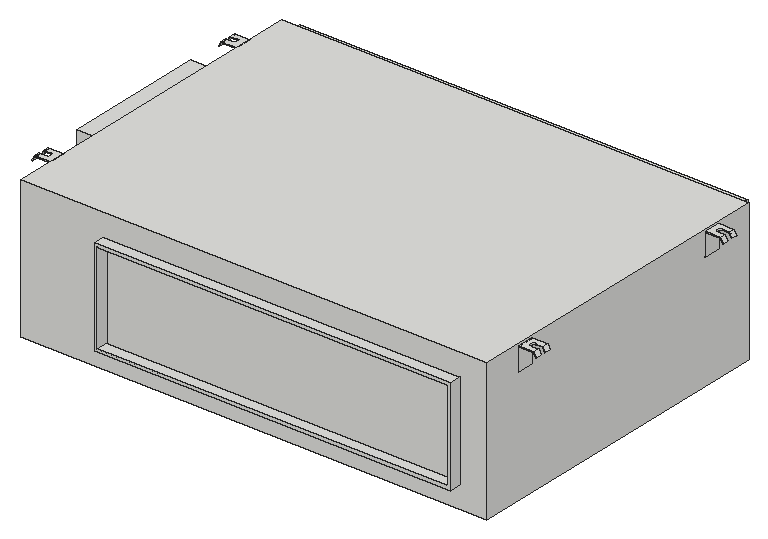
Revit family "GMV-ND（56-80）PHSD-T", category 机械设备, Revit 2014
Parameters (values of type "GMV-ND80PHS/D-T")
  air outlet width = 751.351 mm
  air outlet height = 195 mm
  air inlet width = 960 mm
  air inlet height = 264 mm
  air flow(m³/h) [instance] = "1250"
  liquid pipe = 9.5 mm
  gas pipe = 15.9 mm
  ESP(Pa) [instance] = "90(0~200)"
  drain pipe = 25 mm
  heating capacity(kW) [instance] = "9"
  cooling capacity(kW) [instance] = "8"
  power supply = "220V~50&60Hz"
  Width = 1000 mm
  Hight = 300 mm
  Depth = 700 mm
Types (4, lengths in mm): name | air flow(m³/h) | heating capacity(kW) | cooling capacity(kW)
  GMV-ND56PHS/D-T | "1000" | "6.3" | "5.6"
  GMV-ND63PHS/D-T | "1000" | "7.1" | "6.3"
  GMV-ND71PHS/D-T | "1250" | "8" | "7.1"
  GMV-ND80PHS/D-T | "1250" | "9" | "8"
Reference planes
  plane 1 "中心(前/后)": y = 0
  plane 2: z = 0
  plane 3 "中心(左/右)": x = 0
  plane 4: y = -274
  plane 5: y = -264
  plane 6: x = 428.055
  plane 7: x = -315.296
  plane 8: x = 436.055
  plane 9: x = 475
  plane 10: x = -485
  plane 11: y = 204
  plane 12: y = -101
  plane 13: x = -500
  plane 14: x = 500
  plane 15: y = 350
  plane 16: y = -350
  plane 17: z = 300
Forms (mm)
  Extrusion 1, solid, material "热镀锌板"
    sketch origin (0, 0, 0) x (1, 0, 0) y (0, 0, 1)
      loop
        line (-500, 300) -> (-500, 0) -> (500, 0) -> (500, 300) -> (-500, 300)
    from -350 to 350
  Extrusion 2, solid, material "热镀锌板"
    sketch origin (-500, -1524, 815.843) x (0, 0, 1) y (0, -1, 0)
      loop
        circle (-607.843, -1317) r 7.95
    from 0 to -50
  Extrusion 3, solid, material "热镀锌板"
    sketch origin (-500, -1524, 815.843) x (0, 0, 1) y (0, -1, 0)
      loop
        circle (-619.843, -1250) r 4.75
    from 0 to -50
  Extrusion 4, solid, material "热镀锌板"
    sketch origin (-500, -1524, 815.843) x (0, 0, 1) y (0, -1, 0)
      loop
        circle (-777.843, -1260) r 12.5
    from 0 to -50
  Extrusion 5, solid, material "热镀锌板"
    sketch origin (0, -350, 14.539) x (0, 0, -1) y (-1, 0, 0)
      loop
        line (-238.757, 321.296) -> (-238.757, -442.055) -> (-31.961, -442.055) -> (-31.961, 321.296) -> (-238.757, 321.296)
    from 0 to -25
  Extrusion 6, void
    sketch origin (0, -350, 14.539) x (0, 0, 1) y (-1, 0, 0)
      loop
        line (232.961, 315.296) -> (37.961, 315.296) -> (37.961, -436.055) -> (232.961, -436.055) -> (232.961, 315.296)
    from 0 to 25
  Extrusion 7, solid, material "热镀锌板"
    sketch origin (-75.364, 350, 0) x (0, 0, -1) y (-1, 0, 0)
      loop
        line (-284, -550.364) -> (-20, -550.364) -> (-20, 409.636) -> (-284, 409.636) -> (-284, -550.364)
    from 0 to 30
  Extrusion 8, void
    sketch origin (0, -15, 0) x (0, 1, 0) y (1, 0, 0)
      loop
        line (350, -485) -> (350, 475) -> (20, 475) -> (20, -485) -> (350, -485)
    from 0 to -5
  Extrusion 9, solid, material "热镀锌板"
    sketch origin (-500, -1524, 815.843) x (0, 0, 1) y (0, -1, 0)
      loop
        line (-555.843, -1728) -> (-555.843, -1423) -> (-780.843, -1423) -> (-780.843, -1728) -> (-555.843, -1728)
    from -78.5 to 0
Cuts and joins
  Extrusion 6, Extrusion 8 cuts Extrusion 1
  Extrusion 6 cuts Extrusion 5
Lines and regions (mm)
  model lines
    curve 1: circle (-500, -274, 196) r 4.75 normal (1, 0, 0)
    curve 2: circle (-500, -264, 38) r 12.5 normal (1, 0, 0)
    curve 3: arc (-500, -207, 215.95) -> (-500, -214.95, 208) -> (-500, -207, 200.05) r 7.95
    curve 4: arc (-500, -207, 200.05) -> (-500, -199.05, 208) -> (-500, -207, 215.95) r 7.95
    curve 5: line (-315.296, -375, 52.5) -> (-315.296, -375, 235.5)
    curve 6: line (436.055, -375, 52.5) -> (-315.296, -375, 52.5)
    curve 7: line (436.055, -375, 235.5) -> (436.055, -375, 52.5)
    curve 8: circle (500, -264, 38) r 12.5 normal (1, 0, 0)
    curve 9: line (475, 380, 284) -> (-485, 380, 284)
    curve 10: line (475, 380, 20) -> (475, 380, 284)
    curve 11: line (-485, 380, 20) -> (475, 380, 20)
    curve 12: line (-485, 380, 284) -> (-485, 380, 20)
    curve 13: line (-485, 350, 0) -> (475, 350, 0)
    curve 14: line (-485, 5, 0) -> (-485, 350, 0)
    curve 15: line (475, 5, 0) -> (-485, 5, 0)
    curve 16: line (475, 350, 0) -> (475, 5, 0)
Dimensions and locks
  plane 9 to plane 3 "中心(左/右)" = 475 mm
  plane 10 to plane 3 "中心(左/右)" = 485 mm
  "Width": plane 13 to plane 14
  "Depth": plane 16 to plane 15
  "Hight": plane 17 to level
  "air outlet width": cut or joined group of Extrusion 5, Extrusion 6 to cut or joined group of Extrusion 5, Extrusion 6
  "air outlet height": cut or joined group of Extrusion 5, Extrusion 6 to cut or joined group of Extrusion 5, Extrusion 6
  "air inlet width": Extrusion 7 to Extrusion 7
  "air inlet height": Extrusion 7 to Extrusion 7
  "gas pipe": diameter of Extrusion 2 sketch curve
  "liquid pipe": diameter of Extrusion 3 sketch curve
  "drain pipe": diameter of Extrusion 4 sketch curve
  aligned and locked: level to plane 2
  aligned and locked: Extrusion 1 to level
  aligned and locked: curve 3 to Extrusion 2
  aligned and locked: curve 4 to Extrusion 2
  aligned and locked: cut or joined group of Extrusion 5, Extrusion 6 to Extrusion 6
  aligned and locked: curve 5 to cut or joined group of Extrusion 5, Extrusion 6
  aligned and locked: curve 6 to cut or joined group of Extrusion 5, Extrusion 6
  aligned and locked: curve 7 to cut or joined group of Extrusion 5, Extrusion 6
  aligned and locked: plane 9 to Extrusion 7 sketch curve
  aligned and locked: Extrusion 7 sketch curve to plane 10
  aligned and locked: curve 9 to Extrusion 7
  aligned and locked: curve 10 to Extrusion 7
  aligned and locked: curve 11 to Extrusion 7
  aligned and locked: curve 12 to Extrusion 7
  aligned and locked: Extrusion 8 sketch curve to Extrusion 7
  aligned and locked: Extrusion 8 sketch curve to plane 9
  aligned and locked: curve 13 to Extrusion 7
  aligned and locked: curve 14 to cut or joined group of Extrusion 1, Extrusion 6, Extrusion 8
  aligned and locked: curve 15 to cut or joined group of Extrusion 1, Extrusion 6, Extrusion 8
  aligned and locked: curve 16 to cut or joined group of Extrusion 1, Extrusion 6, Extrusion 8
  aligned and locked: Extrusion 9 sketch curve to plane 11
  aligned and locked: Extrusion 9 to plane 12
Automatic sketch dimensions
  Extrusion 1 sketch curve to level = 0 mm
  curve 2 to plane 5 = 0 mm
  curve 1 to plane 4 = 0 mm
  plane 6 to Extrusion 5 sketch curve = 14 mm
  Extrusion 6 sketch curve to plane 7 = 0 mm
  Extrusion 6 sketch curve to plane 8 = 0 mm
  curve 8 to plane 5 = 0 mm
  plane 10 to Extrusion 1 sketch curve = 15 mm
  Extrusion 1 sketch curve to plane 9 = 25 mm
  Extrusion 5 sketch curve to plane 7 = 6 mm
  level to Extrusion 1 sketch curve = 300 mm
  curve 1 to curve 4 = 4.05 mm
  level to curve 2 = 38 mm
  level to Extrusion 5 sketch curve = 253.296 mm
  level to Extrusion 5 sketch curve = 46.5 mm
  level to Extrusion 6 sketch curve = 52.5 mm
  Extrusion 6 sketch curve to Extrusion 6 sketch curve = 195 mm
  curve 6 to curve 7 = 183 mm
  curve 5 to curve 5 = 183 mm
  level to curve 8 = 38 mm
  level to Extrusion 7 sketch curve = 284 mm
  level to Extrusion 7 sketch curve = 20 mm
  level to Extrusion 9 sketch curve = 35 mm
  Extrusion 9 sketch curve to Extrusion 9 sketch curve = 225 mm
  Extrusion 8 sketch curve to plane 1 "中心(前/后)" = 5 mm
  Extrusion 8 sketch curve to plane 11 = 131 mm
  Extrusion 9 sketch curve to plane 12 = 0 mm
  plane 17 to Extrusion 2 sketch curve = 92 mm
  Extrusion 2 sketch curve to plane 5 = 57 mm
  Extrusion 3 sketch curve to plane 4 = 0 mm
  plane 17 to Extrusion 3 sketch curve = 104 mm
  Extrusion 4 sketch curve to plane 5 = 0 mm
  level to Extrusion 4 sketch curve = 38 mm
  radius of curve 1 = 4.75 mm
  radius of curve 2 = 12.5 mm
  radius of curve 8 = 12.5 mm
Nested families
  nested 1: "定位孔（SDB)" at (501, 232.189, 98.438), type "SDB"
  nested 2: "定位孔（SDB)" at (501, -232.189, 98.438), type "SDB"
  nested 3: "定位孔（SDB)" at (-501, 232.189, 98.438) x (-1, 0, 0) z (0, 0, 1), type "SDB"
  nested 4: "定位孔（SDB)" at (-501, -232.189, 98.438) x (-1, 0, 0) z (0, 0, 1), type "SDB"
Connectors
  piping at (-550, -207, 208), diameter 15.9, driven by "gas pipe"
    settings: on Extrusion 2, index 1, connector inside diameter 609.6 mm, connector length 0 mm, flow factor 0, pipe flow 0.0 L/s, pressure drop 0.0 Pa, fitting loss kfactor 0, connector angle 0.00°, fixture units 0, engagement length 0 mm, angle of deflection 0.00°, flow configuration 0, flow direction 2, fitting loss method 0, system type 8, joint type 0, gender type 0, connector reference index -1, connector utility 0, adjustable connector no, is connector primary yes, connector description ""
  piping at (-550, -274, 196), diameter 9.5, driven by "liquid pipe"
    settings: on Extrusion 3, index 2, connector inside diameter 609.6 mm, connector length 0 mm, flow factor 0, pipe flow 0.0 L/s, pressure drop 0.0 Pa, fitting loss kfactor 0, connector angle 0.00°, fixture units 0, engagement length 0 mm, angle of deflection 0.00°, flow configuration 0, flow direction 1, fitting loss method 0, system type 7, joint type 0, gender type 0, connector reference index -1, connector utility 0, adjustable connector no, is connector primary no, connector description ""
  piping at (-550, -264, 38), diameter 25, driven by "drain pipe"
    settings: on Extrusion 4, index 3, connector inside diameter 609.6 mm, connector length 0 mm, flow factor 0, pipe flow 0.0 L/s, pressure drop 0.0 Pa, fitting loss kfactor 0, connector angle 0.00°, fixture units 0, engagement length 0 mm, angle of deflection 0.00°, flow configuration 0, flow direction 2, fitting loss method 0, system type 7, joint type 0, gender type 0, connector reference index -1, connector utility 0, adjustable connector no, is connector primary no, connector description ""
  hvac at (60.379, -375, 150), driven by "air outlet height", driven by "air outlet width"
    settings: on cut or joined group of Extrusion 5, Extrusion 6, index 4, duct flow 0.0 L/s, flow factor 0, pres drop 0.0 Pa, loss coef 0, conn angle 0.00°, conn width 751.351 mm, conn height 195 mm, conn diameter 609.6 mm, duct sys type 1, conn prof type 1, flow config 0, flow direction 2, loss method 0, conn ref index -1, conn util no, is conn primary yes, conn desc ""
  hvac at (-5, 380, 152), driven by "air inlet height", driven by "air inlet width"
    settings: on Extrusion 7, index 5, duct flow 0.0 L/s, flow factor 0, pres drop 0.0 Pa, loss coef 0, conn angle 0.00°, conn width 960 mm, conn height 264 mm, conn diameter 609.6 mm, duct sys type 2, conn prof type 1, flow config 0, flow direction 1, loss method 0, conn ref index -1, conn util no, is conn primary no, conn desc ""
Definition of nested family "定位孔（SDB)"
  Parameters (values of type "SDB")
    定位孔长 = 45.686 mm
    定位孔宽 = 35 mm
    定位孔安装边高 = 49.175 mm
    定位孔安装边到安装孔中心距 = 19 mm
    定位孔孔半径 = 6 mm
    定位孔外申角度 = 121.00°
    外壳 = 热镀锌板
  Reference planes
    plane 1 "中心(前/后)": y = 0
    plane 2: z = 0
    plane 3 "中心(左/右)": x = 0
    plane 4: y = 17.5
    plane 5: x = 19
    plane 6: z = 199.575
    plane 7: z = 190.5
    plane 8: y = 35
    plane 9: x = 45.686
    plane 10: z = 150.4
    plane 11: through (40.14, -1524, 199.575) normal (0.8572, 0, 0.515)
  Forms (mm)
    Sweep 1, solid, material "热镀锌板"
      path origin (-590, 27.035, 1197.344) x (1, 0, 0) y (0, 0, 1)
        loop
          line (591, -1046.944) -> (591, -998.769) -> (623.575, -998.769) -> (628.83, -1007.513)
      profile origin (1, 27.035, 174.488) x (-1, 0, 0) y (0, -1, 0)
        loop
          line (1, -7.965) -> (1, 27.035) -> (-0.648, 27.035) -> (-0.648, -7.965) -> (1, -7.965)
    Extrusion 2, void
      sketch origin (30, -996.568, 199.575) x (0, -1, 0) y (-1, 0, 0)
        loop
          line (-1020.068, 11) -> (-1020.068, -17.55) -> (-1008.068, -17.55) -> (-1008.068, 11)
          arc (-1008.068, 11) -> (-1014.068, 17) -> (-1020.068, 11) r 6
      from 0 to 10
  Cuts and joins
    Extrusion 2 cuts Sweep 1
  Dimensions and locks
    "定位孔安装边到安装孔中心距": plane 3 "中心(左/右)" to plane 5
    equal spacing: plane 8, plane 4, plane 1 "中心(前/后)"
    "定位孔宽": plane 8 to plane 1 "中心(前/后)"
    "定位孔长": plane 3 "中心(左/右)" to plane 9
    "定位孔安装边高": plane 6 to plane 10
    "定位孔孔半径": radius of cut or joined group of Sweep 1, Extrusion 2
    "定位孔外申角度": angle plane 6 to plane 11
    aligned and locked: level to plane 2
  Automatic sketch dimensions
    plane 3 "中心(左/右)" to Sweep 1 sketch curve = 1 mm
    Sweep 1 sketch curve to plane 6 = 1 mm
    plane 5 to Sweep 1 sketch curve = 14.575 mm
    plane 7 to Sweep 1 sketch curve = 0.67 mm
    Sweep 1 sketch curve to Sweep 1 sketch curve = 5.254 mm
    plane 7 to Sweep 1 sketch curve = 40.1 mm
    profile plane to Sweep 1 sketch curve = 0.648 mm
    Sweep 1 sketch curve to profile plane = 1 mm
    Sweep 1 sketch curve to profile plane = 7.965 mm
    profile plane to Sweep 1 sketch curve = 27.035 mm
    Extrusion 2 sketch curve to plane 5 = 0 mm
    Extrusion 2 sketch curve to plane 4 = 0 mm
    plane 4 to Extrusion 2 sketch curve = 6 mm
    Extrusion 2 sketch curve to Extrusion 2 sketch curve = 28.55 mm
